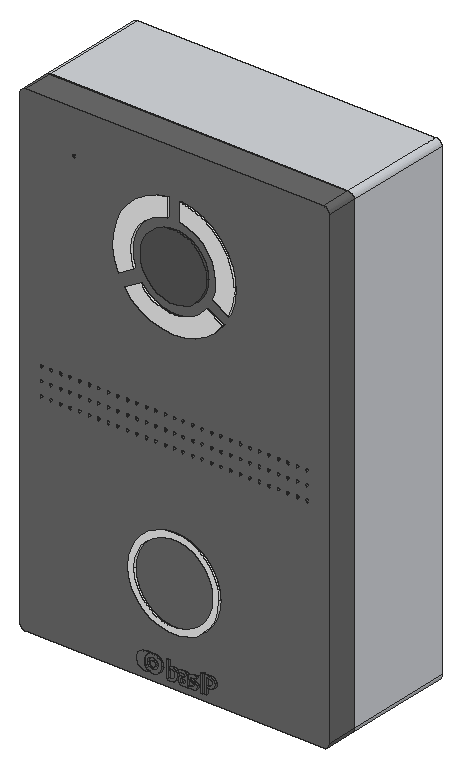
Revit family "BAS-IP_Вызывная панель_AV-03BD", category Устройства связи, Revit 2019
Family settings
  Сохранять ориентацию аннотаций = Нет
  Размер круглого соединителя = Использовать диаметр
  Тип детали = Нормальный
  На основе рабочей плоскости = Нет
  Всегда вертикально = Да
  При загрузке вырезать с полостями = Нет
  Общий = Нет
  Точка расчета площади = Нет
Parameters (values of type "Черный")
  Цветовое решение = "Черный"
  Угол обзора камеры = "90° (по горизонтали)"
  УГО_Смещение_Y [instance] = 0 mm
  УГО_Смещение_X [instance] = 0 mm
  Тип установки = "Накладной монтаж с накладкой и без (кронштейны в комплекте)"
  Тип панели = "Индивидуальная"
  Температурный режим = "-40 – +65 °С"
  Разрешение = "2 Мп"
  Размер самой панели = "102 × 160 × 46 мм"
  Размер под установку = "111,3 × 170,4 × 73 мм"
  Потребление питания = "6,5 Вт, в режиме ожидания - 2,5 Вт"
  Питание = "PoE 802.3af, +12 В постоянного тока"
  Ночная подсветка = "6 светодиодов"
  Минимальная освещенность = "0,01 Люкс"
  Корпус = "АБС-пластик"
  Класс степени защиты = "IP64"
  Камера = "1/4”"
  Изготовитель = "BAS-IP"  # constant formula
  Зона обслуживания [instance] = no
  Дисплей = "Нет"
  Выходное видео = "HD (1280 × 720), H.264 Main Profile"
  IK-код = "IK06"
  ADSK_Размер_Смещение от уровня [instance] = 1000 mm
  ADSK_Примечание [instance] = ""
  ADSK_Позиция [instance] = ""
  ADSK_Наименование = "Индивидуальная IP вызывная панель в пластиковом корпусе, с сенсорной кнопкой и UKEY"
  ADSK_Материал = Black silver
  ADSK_Марка = "AV-03BD Black"
  ADSK_Количество = 1  # constant formula
  ADSK_Код изделия = ""
  ADSK_Завод-изготовитель = "BAS-IP"  # constant formula
  ADSK_Единица измерения = "шт."  # constant formula
Types (2, lengths in mm): name | Цветовое решение | ADSK_Материал | ADSK_Марка
  Серебристый | "Серебристый" | Silver | "AV-03BD Silver"
  Черный | "Черный" | Black silver | "AV-03BD Black"
Reference planes
  plane 1 "По центру (Вперед/Назад)": y = 0
  plane 2: z = 0
  plane 3 "По центру (Влево/Вправо)": x = 0
  plane 4: x = -106.702
  plane 5: x = -106.702
  plane 6: z = 1000
  plane 7: x = -106.702
  plane 8: x = -106.702
  plane 9: z = 0
  plane 10: y = 0
  plane 11: x = 0
Forms (mm)
  Extrusion 1, solid, material "Black silver" <- "ADSK_Материал", detail levels medium+fine
    sketch origin (0, 0, 1000) x (1, 0, 0) y (0, 0, 1)
      loop
        line (-49, 0) -> (49, 0)
        arc (49, 0) -> (50.414, 0.586) -> (51, 2) r 2
        line (51, 2) -> (51, 158)
        arc (51, 158) -> (50.414, 159.414) -> (49, 160) r 2
        line (49, 160) -> (-49, 160)
        arc (-49, 160) -> (-50.414, 159.414) -> (-51, 158) r 2
        line (-51, 158) -> (-51, 2)
        arc (-51, 2) -> (-50.414, 0.586) -> (-49, 0) r 2
    from -8 to 2
  Extrusion 2, solid, material "Black", detail levels fine
    sketch origin (0, 0.5, 990) x (1, 0, 0) y (0, 0, 1)
      loop
        circle (0, 135.001) r 11
    from 2 to 3
  Extrusion 3, solid, material "White", detail levels fine
    sketch origin (0, 0.5, 990) x (1, 0, 0) y (0, 0, 1)
      loop
        arc (-2, 154.901) -> (-17.321, 145.001) -> (-18.234, 126.783) r 20
        line (-18.234, 126.783) -> (-13, 129.805)
        arc (-13, 129.805) -> (-12.124, 142.001) -> (-2, 148.858) r 14
        line (-2, 148.858) -> (-2, 154.901)
      loop
        line (16.234, 123.319) -> (11, 126.341)
        arc (11, 126.341) -> (0, 121.001) -> (-11, 126.341) r 14
        line (-11, 126.341) -> (-16.234, 123.319)
        arc (-16.234, 123.319) -> (0, 115.001) -> (16.234, 123.319) r 20
      loop
        line (2, 154.901) -> (2, 148.858)
        arc (2, 148.858) -> (12.124, 142.001) -> (13, 129.805) r 14
        line (13, 129.805) -> (18.234, 126.783)
        arc (18.234, 126.783) -> (17.321, 145.001) -> (2, 154.901) r 20
    from 2 to 3
  Extrusion 4, solid, material "White", detail levels fine
    sketch origin (0, 0.5, 1008.125) x (1, 0, 0) y (0, 0, 1)
      loop
        circle (0, 23.436) r 15
      loop
        circle (0, 23.436) r 13
    from 2 to 3
  Extrusion 5, void, detail levels fine
    sketch origin (-34.727, 0, 1127.983) x (1, 0, 0) y (0, 0, 1)
      loop
        circle (1.727, 18.017) r 0.5
    from 1 to 2
  Extrusion 6, void, detail levels fine
    sketch origin (-132.47, 0, 969.505) x (1, 0, 0) y (0, 0, 1)
      loop
        circle (88.702, 110.632) r 0.5
      loop
        circle (88.702, 106.132) r 0.5
      loop
        circle (88.702, 101.632) r 0.5
      loop
        circle (91.889, 110.632) r 0.5
      loop
        circle (91.889, 106.132) r 0.5
      loop
        circle (91.889, 101.632) r 0.5
      loop
        circle (95.077, 110.632) r 0.5
      loop
        circle (95.077, 106.132) r 0.5
      loop
        circle (95.077, 101.632) r 0.5
      loop
        circle (98.108, 110.632) r 0.5
      loop
        circle (98.108, 106.132) r 0.5
      loop
        circle (98.108, 101.632) r 0.5
      loop
        circle (101.296, 110.632) r 0.5
      loop
        circle (101.296, 106.132) r 0.5
      loop
        circle (101.296, 101.632) r 0.5
      loop
        circle (104.483, 110.632) r 0.5
      loop
        circle (104.483, 106.132) r 0.5
      loop
        circle (104.483, 101.632) r 0.5
      loop
        circle (107.514, 110.632) r 0.5
      loop
        circle (107.514, 106.132) r 0.5
      loop
        circle (107.514, 101.632) r 0.5
      loop
        circle (110.702, 110.632) r 0.5
      loop
        circle (110.702, 106.132) r 0.5
      loop
        circle (110.702, 101.632) r 0.5
      loop
        circle (113.889, 110.632) r 0.5
      loop
        circle (113.889, 106.132) r 0.5
      loop
        circle (113.889, 101.632) r 0.5
      loop
        circle (117.077, 110.632) r 0.5
      loop
        circle (117.077, 106.132) r 0.5
      loop
        circle (117.077, 101.632) r 0.5
      loop
        circle (120.108, 110.632) r 0.5
      loop
        circle (120.108, 106.132) r 0.5
      loop
        circle (120.108, 101.632) r 0.5
      loop
        circle (123.296, 110.632) r 0.5
      loop
        circle (123.296, 106.132) r 0.5
      loop
        circle (123.296, 101.632) r 0.5
      loop
        circle (126.327, 110.632) r 0.5
      loop
        circle (126.327, 106.132) r 0.5
      loop
        circle (126.327, 101.632) r 0.5
      loop
        circle (132.47, 110.632) r 0.5
      loop
        circle (132.47, 106.132) r 0.5
      loop
        circle (132.47, 101.632) r 0.5
      loop
        circle (129.585, 110.632) r 0.5
      loop
        circle (129.585, 106.132) r 0.5
      loop
        circle (129.585, 101.632) r 0.5
      loop
        circle (144.832, 110.632) r 0.5
      loop
        circle (144.832, 106.132) r 0.5
      loop
        circle (144.832, 101.632) r 0.5
      loop
        circle (141.644, 110.632) r 0.5
      loop
        circle (141.644, 106.132) r 0.5
      loop
        circle (141.644, 101.632) r 0.5
      loop
        circle (138.613, 110.632) r 0.5
      loop
        circle (138.613, 106.132) r 0.5
      loop
        circle (138.613, 101.632) r 0.5
      loop
        circle (135.356, 110.632) r 0.5
      loop
        circle (135.356, 106.132) r 0.5
      loop
        circle (135.356, 101.632) r 0.5
      loop
        circle (147.863, 110.632) r 0.5
      loop
        circle (147.863, 106.132) r 0.5
      loop
        circle (147.863, 101.632) r 0.5
      loop
        circle (176.238, 110.632) r 0.5
      loop
        circle (176.238, 106.132) r 0.5
      loop
        circle (176.238, 101.632) r 0.5
      loop
        circle (173.051, 110.632) r 0.5
      loop
        circle (173.051, 106.132) r 0.5
      loop
        circle (173.051, 101.632) r 0.5
      loop
        circle (169.863, 110.632) r 0.5
      loop
        circle (169.863, 106.132) r 0.5
      loop
        circle (169.863, 101.632) r 0.5
      loop
        circle (166.832, 110.632) r 0.5
      loop
        circle (166.832, 106.132) r 0.5
      loop
        circle (166.832, 101.632) r 0.5
    from 1 to 2
  Extrusion 7, void, detail levels fine
    sketch origin (-132.47, 0, 969.505) x (1, 0, 0) y (0, 0, 1)
      loop
        circle (163.644, 110.632) r 0.5
      loop
        circle (163.644, 106.132) r 0.5
      loop
        circle (163.644, 101.632) r 0.5
      loop
        circle (160.457, 110.632) r 0.5
      loop
        circle (160.457, 106.132) r 0.5
      loop
        circle (160.457, 101.632) r 0.5
      loop
        circle (157.426, 110.632) r 0.5
      loop
        circle (157.426, 106.132) r 0.5
      loop
        circle (157.426, 101.632) r 0.5
      loop
        circle (154.238, 110.632) r 0.5
      loop
        circle (154.238, 106.132) r 0.5
      loop
        circle (154.238, 101.632) r 0.5
      loop
        circle (151.051, 110.632) r 0.5
      loop
        circle (151.051, 106.132) r 0.5
      loop
        circle (151.051, 101.632) r 0.5
    from 0 to 2
  Extrusion 8, solid, detail levels medium+fine
    sketch origin (0, 85, 1000) x (1, 0, 0) y (0, 0, 1)
      loop
        line (-49, 0) -> (49, 0)
        arc (49, 0) -> (50.414, 0.586) -> (51, 2) r 2
        line (51, 2) -> (51, 158)
        arc (51, 158) -> (50.414, 159.414) -> (49, 160) r 2
        line (49, 160) -> (-49, 160)
        arc (-49, 160) -> (-50.414, 159.414) -> (-51, 158) r 2
        line (-51, 158) -> (-51, 2)
        arc (-51, 2) -> (-50.414, 0.586) -> (-49, 0) r 2
    from 41 to 77
  Extrusion 9, solid, material "Black silver" <- "ADSK_Материал", not visible, detail levels medium+fine
    sketch origin (0, 0, 0) x (1, 0, 0) y (0, 0, 1)
      loop
        line (-49, 0) -> (49, 0)
        arc (49, 0) -> (50.414, 0.586) -> (51, 2) r 2
        line (51, 2) -> (51, 158)
        arc (51, 158) -> (50.414, 159.414) -> (49, 160) r 2
        line (49, 160) -> (-49, 160)
        arc (-49, 160) -> (-50.414, 159.414) -> (-51, 158) r 2
        line (-51, 158) -> (-51, 2)
        arc (-51, 2) -> (-50.414, 0.586) -> (-49, 0) r 2
    from -8 to 2
  Extrusion 10, solid, material "Black", not visible, detail levels fine
    sketch origin (0, 0.5, -10) x (1, 0, 0) y (0, 0, 1)
      loop
        circle (0, 135.001) r 11
    from 2 to 3
  Extrusion 11, solid, material "White", not visible, detail levels fine
    sketch origin (0, 0.5, -10) x (1, 0, 0) y (0, 0, 1)
      loop
        arc (-2, 154.901) -> (-17.321, 145.001) -> (-18.234, 126.783) r 20
        line (-18.234, 126.783) -> (-13, 129.805)
        arc (-13, 129.805) -> (-12.124, 142.001) -> (-2, 148.858) r 14
        line (-2, 148.858) -> (-2, 154.901)
      loop
        line (16.234, 123.319) -> (11, 126.341)
        arc (11, 126.341) -> (0, 121.001) -> (-11, 126.341) r 14
        line (-11, 126.341) -> (-16.234, 123.319)
        arc (-16.234, 123.319) -> (0, 115.001) -> (16.234, 123.319) r 20
      loop
        line (2, 154.901) -> (2, 148.858)
        arc (2, 148.858) -> (12.124, 142.001) -> (13, 129.805) r 14
        line (13, 129.805) -> (18.234, 126.783)
        arc (18.234, 126.783) -> (17.321, 145.001) -> (2, 154.901) r 20
    from 2 to 3
  Extrusion 12, solid, material "White", not visible, detail levels fine
    sketch origin (0, 0.5, 8.125) x (1, 0, 0) y (0, 0, 1)
      loop
        circle (0, 23.436) r 15
      loop
        circle (0, 23.436) r 13
    from 2 to 3
  Extrusion 13, void, not visible, detail levels fine
    sketch origin (-34.727, 0, 127.983) x (1, 0, 0) y (0, 0, 1)
      loop
        circle (1.727, 18.017) r 0.5
    from 1 to 2
  Extrusion 14, void, not visible, detail levels fine
    sketch origin (-132.47, 0, -30.495) x (1, 0, 0) y (0, 0, 1)
      loop
        circle (88.702, 110.632) r 0.5
      loop
        circle (88.702, 106.132) r 0.5
      loop
        circle (88.702, 101.632) r 0.5
      loop
        circle (91.889, 110.632) r 0.5
      loop
        circle (91.889, 106.132) r 0.5
      loop
        circle (91.889, 101.632) r 0.5
      loop
        circle (95.077, 110.632) r 0.5
      loop
        circle (95.077, 106.132) r 0.5
      loop
        circle (95.077, 101.632) r 0.5
      loop
        circle (98.108, 110.632) r 0.5
      loop
        circle (98.108, 106.132) r 0.5
      loop
        circle (98.108, 101.632) r 0.5
      loop
        circle (101.296, 110.632) r 0.5
      loop
        circle (101.296, 106.132) r 0.5
      loop
        circle (101.296, 101.632) r 0.5
      loop
        circle (104.483, 110.632) r 0.5
      loop
        circle (104.483, 106.132) r 0.5
      loop
        circle (104.483, 101.632) r 0.5
      loop
        circle (107.514, 110.632) r 0.5
      loop
        circle (107.514, 106.132) r 0.5
      loop
        circle (107.514, 101.632) r 0.5
      loop
        circle (110.702, 110.632) r 0.5
      loop
        circle (110.702, 106.132) r 0.5
      loop
        circle (110.702, 101.632) r 0.5
      loop
        circle (113.889, 110.632) r 0.5
      loop
        circle (113.889, 106.132) r 0.5
      loop
        circle (113.889, 101.632) r 0.5
      loop
        circle (117.077, 110.632) r 0.5
      loop
        circle (117.077, 106.132) r 0.5
      loop
        circle (117.077, 101.632) r 0.5
      loop
        circle (120.108, 110.632) r 0.5
      loop
        circle (120.108, 106.132) r 0.5
      loop
        circle (120.108, 101.632) r 0.5
      loop
        circle (123.296, 110.632) r 0.5
      loop
        circle (123.296, 106.132) r 0.5
      loop
        circle (123.296, 101.632) r 0.5
      loop
        circle (126.327, 110.632) r 0.5
      loop
        circle (126.327, 106.132) r 0.5
      loop
        circle (126.327, 101.632) r 0.5
      loop
        circle (132.47, 110.632) r 0.5
      loop
        circle (132.47, 106.132) r 0.5
      loop
        circle (132.47, 101.632) r 0.5
      loop
        circle (129.585, 110.632) r 0.5
      loop
        circle (129.585, 106.132) r 0.5
      loop
        circle (129.585, 101.632) r 0.5
      loop
        circle (144.832, 110.632) r 0.5
      loop
        circle (144.832, 106.132) r 0.5
      loop
        circle (144.832, 101.632) r 0.5
      loop
        circle (141.644, 110.632) r 0.5
      loop
        circle (141.644, 106.132) r 0.5
      loop
        circle (141.644, 101.632) r 0.5
      loop
        circle (138.613, 110.632) r 0.5
      loop
        circle (138.613, 106.132) r 0.5
      loop
        circle (138.613, 101.632) r 0.5
      loop
        circle (135.356, 110.632) r 0.5
      loop
        circle (135.356, 106.132) r 0.5
      loop
        circle (135.356, 101.632) r 0.5
      loop
        circle (147.863, 110.632) r 0.5
      loop
        circle (147.863, 106.132) r 0.5
      loop
        circle (147.863, 101.632) r 0.5
      loop
        circle (176.238, 110.632) r 0.5
      loop
        circle (176.238, 106.132) r 0.5
      loop
        circle (176.238, 101.632) r 0.5
      loop
        circle (173.051, 110.632) r 0.5
      loop
        circle (173.051, 106.132) r 0.5
      loop
        circle (173.051, 101.632) r 0.5
      loop
        circle (169.863, 110.632) r 0.5
      loop
        circle (169.863, 106.132) r 0.5
      loop
        circle (169.863, 101.632) r 0.5
      loop
        circle (166.832, 110.632) r 0.5
      loop
        circle (166.832, 106.132) r 0.5
      loop
        circle (166.832, 101.632) r 0.5
    from 1 to 2
  Extrusion 15, void, not visible, detail levels fine
    sketch origin (-132.47, 0, -30.495) x (1, 0, 0) y (0, 0, 1)
      loop
        circle (163.644, 110.632) r 0.5
      loop
        circle (163.644, 106.132) r 0.5
      loop
        circle (163.644, 101.632) r 0.5
      loop
        circle (160.457, 110.632) r 0.5
      loop
        circle (160.457, 106.132) r 0.5
      loop
        circle (160.457, 101.632) r 0.5
      loop
        circle (157.426, 110.632) r 0.5
      loop
        circle (157.426, 106.132) r 0.5
      loop
        circle (157.426, 101.632) r 0.5
      loop
        circle (154.238, 110.632) r 0.5
      loop
        circle (154.238, 106.132) r 0.5
      loop
        circle (154.238, 101.632) r 0.5
      loop
        circle (151.051, 110.632) r 0.5
      loop
        circle (151.051, 106.132) r 0.5
      loop
        circle (151.051, 101.632) r 0.5
    from 0 to 2
  Extrusion 16, solid, not visible, detail levels medium+fine
    sketch origin (0, 85, 0) x (1, 0, 0) y (0, 0, 1)
      loop
        line (-49, 0) -> (49, 0)
        arc (49, 0) -> (50.414, 0.586) -> (51, 2) r 2
        line (51, 2) -> (51, 158)
        arc (51, 158) -> (50.414, 159.414) -> (49, 160) r 2
        line (49, 160) -> (-49, 160)
        arc (-49, 160) -> (-50.414, 159.414) -> (-51, 158) r 2
        line (-51, 158) -> (-51, 2)
        arc (-51, 2) -> (-50.414, 0.586) -> (-49, 0) r 2
    from 41 to 77
Cuts and joins
  Extrusion 5, Extrusion 6, Extrusion 7 cuts Extrusion 1
Dimensions and locks
  "ADSK_Размер_Смещение от уровня": plane 6 to plane 2
  "УГО_Смещение_X": plane 3 "По центру (Влево/Вправо)" to plane 11
  "УГО_Смещение_Y": plane 10 to plane 1 "По центру (Вперед/Назад)"
  aligned and locked: level to plane 2
  aligned and locked: cut or joined group of Extrusion 1, Extrusion 5, Extrusion 6, Extrusion 7 to plane 6
  aligned and locked: nested 5 to plane 10
  aligned and locked: plane 11 to nested 5
Automatic sketch dimensions
  Extrusion 1 sketch curve to Extrusion 1 sketch curve = 2 mm  (x3)
  Extrusion 1 sketch curve to Extrusion 1 sketch curve = 156 mm
  Extrusion 3 sketch curve to Extrusion 3 sketch curve = 0 mm  (x40)
  Extrusion 3 sketch curve to Extrusion 3 sketch curve = 2 mm  (x5)
  Extrusion 3 sketch curve to Extrusion 3 sketch curve = 5.234 mm  (x2)
  Extrusion 3 sketch curve to Extrusion 3 sketch curve = 3.022 mm
  Extrusion 3 sketch curve to Extrusion 3 sketch curve = 3.464 mm  (x4)
  Extrusion 3 sketch curve to Extrusion 3 sketch curve = 5.196 mm
  Extrusion 4 sketch curve to Extrusion 4 sketch curve = 0 mm  (x4)
  Extrusion 6 sketch curve to Extrusion 6 sketch curve = 2.885 mm  (x6)
  Extrusion 6 sketch curve to Extrusion 6 sketch curve = 3.258 mm  (x6)
  Extrusion 6 sketch curve to Extrusion 6 sketch curve = 3.031 mm  (x21)
  Extrusion 6 sketch curve to Extrusion 6 sketch curve = 3.188 mm  (x32)
  Extrusion 6 sketch curve to Extrusion 6 sketch curve = 18.969 mm
  Extrusion 6 sketch curve to Extrusion 6 sketch curve = 0 mm  (x64)
  Extrusion 6 sketch curve to Extrusion 6 sketch curve = 3.187 mm
  Extrusion 6 sketch curve to Extrusion 6 sketch curve = 4.5 mm  (x11)
  Extrusion 7 sketch curve to Extrusion 7 sketch curve = 0 mm  (x11)
  Extrusion 7 sketch curve to Extrusion 7 sketch curve = 3.188 mm  (x8)
  Extrusion 7 sketch curve to Extrusion 7 sketch curve = 3.187 mm
  Extrusion 7 sketch curve to Extrusion 7 sketch curve = 3.031 mm  (x3)
  Extrusion 7 sketch curve to Extrusion 7 sketch curve = 4.5 mm  (x5)
  Extrusion 8 sketch curve to Extrusion 8 sketch curve = 2 mm  (x3)
  Extrusion 8 sketch curve to Extrusion 8 sketch curve = 156 mm
  Extrusion 1 sketch curve to Extrusion 1 sketch curve = 98 mm  (x2)
  Extrusion 3 sketch curve to Extrusion 3 sketch curve = 11 mm  (x2)
  Extrusion 3 sketch curve to Extrusion 3 sketch curve = 4 mm
  plane 4 to Extrusion 6 sketch curve = 62.934 mm
  plane 5 to Extrusion 7 sketch curve = 125.283 mm
  Extrusion 8 sketch curve to Extrusion 8 sketch curve = 98 mm  (x2)
  Extrusion 9 sketch curve to Extrusion 9 sketch curve = 2 mm  (x3)
  Extrusion 9 sketch curve to Extrusion 9 sketch curve = 156 mm
  Extrusion 11 sketch curve to Extrusion 11 sketch curve = 0 mm  (x40)
  Extrusion 11 sketch curve to Extrusion 11 sketch curve = 2 mm  (x5)
  Extrusion 11 sketch curve to Extrusion 11 sketch curve = 5.234 mm  (x2)
  Extrusion 11 sketch curve to Extrusion 11 sketch curve = 3.022 mm
  Extrusion 11 sketch curve to Extrusion 11 sketch curve = 3.464 mm  (x4)
  Extrusion 11 sketch curve to Extrusion 11 sketch curve = 5.196 mm
  Extrusion 12 sketch curve to Extrusion 12 sketch curve = 0 mm  (x4)
  Extrusion 14 sketch curve to Extrusion 14 sketch curve = 2.885 mm  (x6)
  Extrusion 14 sketch curve to Extrusion 14 sketch curve = 3.258 mm  (x6)
  Extrusion 14 sketch curve to Extrusion 14 sketch curve = 3.031 mm  (x21)
  Extrusion 14 sketch curve to Extrusion 14 sketch curve = 3.188 mm  (x32)
  Extrusion 14 sketch curve to Extrusion 14 sketch curve = 18.969 mm
  Extrusion 14 sketch curve to Extrusion 14 sketch curve = 0 mm  (x64)
  Extrusion 14 sketch curve to Extrusion 14 sketch curve = 3.187 mm
  Extrusion 14 sketch curve to Extrusion 14 sketch curve = 4.5 mm  (x11)
  Extrusion 15 sketch curve to Extrusion 15 sketch curve = 0 mm  (x11)
  Extrusion 15 sketch curve to Extrusion 15 sketch curve = 3.188 mm  (x8)
  Extrusion 15 sketch curve to Extrusion 15 sketch curve = 3.187 mm
  Extrusion 15 sketch curve to Extrusion 15 sketch curve = 3.031 mm  (x3)
  Extrusion 15 sketch curve to Extrusion 15 sketch curve = 4.5 mm  (x5)
  Extrusion 16 sketch curve to Extrusion 16 sketch curve = 2 mm  (x3)
  Extrusion 16 sketch curve to Extrusion 16 sketch curve = 156 mm
  Extrusion 9 sketch curve to Extrusion 9 sketch curve = 98 mm  (x2)
  Extrusion 11 sketch curve to Extrusion 11 sketch curve = 11 mm  (x2)
  Extrusion 11 sketch curve to Extrusion 11 sketch curve = 4 mm
  plane 7 to Extrusion 14 sketch curve = 62.934 mm
  plane 8 to Extrusion 15 sketch curve = 125.283 mm
  Extrusion 16 sketch curve to Extrusion 16 sketch curve = 98 mm  (x2)
  radius of Extrusion 2 sketch curve = 11 mm
  radius of Extrusion 4 sketch curve = 15 mm
  radius of Extrusion 4 sketch curve = 13 mm
  radius of Extrusion 5 sketch curve = 0.5 mm
  radius of Extrusion 6 sketch curve = 0.5 mm  (x72)
  radius of Extrusion 7 sketch curve = 0.5 mm  (x15)
  radius of Extrusion 10 sketch curve = 11 mm
  radius of Extrusion 12 sketch curve = 15 mm
  radius of Extrusion 12 sketch curve = 13 mm
  radius of Extrusion 13 sketch curve = 0.5 mm
  radius of Extrusion 14 sketch curve = 0.5 mm  (x72)
  radius of Extrusion 15 sketch curve = 0.5 mm  (x15)
Nested families
  nested 1: "BAS-IP_Logo_S" at (1.25, -1.5, 1002.412), Материал <- "ADSK_Материал", type "BAS-IP_Logo_S", detail levels fine
    with Материал Black silver
  nested 2: "Зона обслуживания" at (0, 0, 950), visible <- "Зона обслуживания", type "Зона обслуживания", detail levels fine
    with ADSK_Размер_Ширина 202 mm, ADSK_Размер_Высота 260 mm
  nested 3: "BAS-IP_Logo_S" at (1.25, -1.5, 2.412), Материал <- "ADSK_Материал", type "BAS-IP_Logo_S", not visible, detail levels fine
    with Материал Black silver
  nested 4: "Зона обслуживания" at (0, 0, -50), visible <- "Зона обслуживания", type "Зона обслуживания", not visible, detail levels fine
    with ADSK_Размер_Ширина 202 mm, ADSK_Размер_Высота 260 mm
  nested 5: "УГО_Вызывная панель" at (0, 0, 0), type "УГО_Вызывная панель", detail levels coarse+medium
Connectors
  electrical at (0, 26, 1000)
    settings: on Extrusion 8, index 1, voltage 0 V, apparent load 0 VA, apparent load phase1 0 VA, apparent load phase2 0 VA, apparent load phase3 0 VA, power factor 1, load classification "Прочее", number of poles 1, system type 12, power factor state 1, is connector primary yes, connector utility no, sub classification motor no, connector description ""
Definition of nested family "BAS-IP_Logo_S"
  Parameters (values of type "BAS-IP_Logo_S")
    Материал [instance] = none
  Reference planes
    plane 1 "По центру (Вперед/Назад)": y = 0
    plane 2: z = 0
    plane 3 "По центру (Влево/Вправо)": x = 0
  Forms (mm)
    Extrusion 1, solid, material <- "Материал"
      sketch origin (-6.577, 0, -7.331) x (1, 0, 0) y (0, 0, 1)
        loop
          circle (-1.452, 10.426) r 2.917
        loop
          circle (-1.452, 10.426) r 1.823
        loop
          circle (-1.452, 10.426) r 0.907
        loop
          line (2.897, 13.369) -> (2.897, 7.626)
          arc (2.897, 7.626) -> (4.378, 7.331) -> (5.829, 7.75) r 3.194
          arc (5.829, 7.75) -> (6.556, 9.353) -> (6.13, 11.061) r 2.674
          arc (6.13, 11.061) -> (4.872, 11.67) -> (3.741, 10.847) r 1.36
          line (3.741, 10.847) -> (3.741, 13.369) -> (2.897, 13.369)
        loop
          line (9.211, 9.975) -> (7.991, 9.975)
          arc (7.991, 9.975) -> (6.849, 8.828) -> (7.615, 7.403) r 1.358
          line (7.615, 7.403) -> (9.943, 7.403)
          spline (9.943, 7.403) -> (10.042, 8.877) -> (10.055, 9.915) -> (9.997, 10.601) -> (9.886, 11.019) -> (9.737, 11.256) -> (9.568, 11.394) -> (9.385, 11.5) -> (9.169, 11.588) -> (8.896, 11.659) -> (8.521, 11.71) -> (7.969, 11.725) -> (7.158, 11.687)
          line (7.158, 11.687) -> (7.158, 10.887) -> (8.571, 10.887)
          arc (8.571, 10.887) -> (9.157, 10.617) -> (9.211, 9.975) r 0.64
        loop
          line (9.25, 9.484) -> (8.048, 9.484)
          arc (8.048, 9.484) -> (7.606, 8.736) -> (8.048, 7.988) r 0.854
          line (8.048, 7.988) -> (9.25, 7.988) -> (9.25, 9.484)
        loop
          line (3.741, 10.21) -> (3.741, 7.988)
          spline (3.741, 7.988) -> (4.72, 8.077) -> (5.267, 8.31) -> (5.573, 8.641) -> (5.734, 9.045) -> (5.806, 9.508) -> (5.807, 9.99) -> (5.705, 10.408) -> (5.485, 10.703) -> (5.195, 10.895) -> (4.844, 10.985) -> (4.33, 10.884) -> (3.741, 10.21)
        loop
          spline (13.018, 11.649) -> (11.419, 11.695) -> (10.875, 11.521) -> (10.489, 11.179) -> (10.305, 10.688) -> (10.406, 10.198) -> (10.752, 9.835) -> (11.372, 9.476) -> (12.029, 9.086) -> (12.384, 8.702) -> (12.37, 8.376) -> (11.859, 8.127) -> (10.354, 8.165)
          line (10.354, 8.165) -> (10.284, 7.368)
          spline (10.284, 7.368) -> (11.866, 7.357) -> (12.634, 7.611) -> (13.056, 8.054) -> (13.185, 8.589) -> (13.044, 9.098) -> (12.719, 9.467) -> (12.225, 9.735) -> (11.625, 10.002) -> (11.161, 10.338) -> (11.097, 10.694) -> (11.676, 10.917) -> (12.949, 10.853)
          line (12.949, 10.853) -> (13.018, 11.649)
        loop
          line (14.214, 13.23) -> (14.214, 7.403) -> (15.003, 7.403) -> (15.003, 13.23) -> (14.214, 13.23)
        loop
          line (15.425, 13.23) -> (15.425, 7.403) -> (16.26, 7.403) -> (16.26, 9.541) -> (17.223, 9.541)
          arc (17.223, 9.541) -> (19.068, 11.385) -> (17.223, 13.23) r 1.844
          line (17.223, 13.23) -> (15.425, 13.23)
        loop
          line (16.26, 10.169) -> (17.186, 10.169)
          arc (17.186, 10.169) -> (18.222, 11.249) -> (17.419, 12.511) r 1.211
          line (17.419, 12.511) -> (16.26, 12.511) -> (16.26, 10.169)
      from 0 to 1
    Extrusion 2, solid, material <- "Материал"
      sketch origin (-0.313, 0, -1.028) x (1, 0, 0) y (0, 0, 1)
        loop
          arc (-8.967, 6.758) -> (-13.134, 4.123) -> (-8.967, 1.487) r 2.917
          arc (-8.967, 1.487) -> (-10.634, 4.123) -> (-8.967, 6.758) r 2.917
      from 0 to 1
  Dimensions and locks
    aligned and locked: level to plane 2
Definition of nested family "Зона обслуживания"
  Parameters (values of type "Семейство1")
    Зона обслуживания = none
    ADSK_Размер_Ширина = 200 mm
    ADSK_Размер_Глубина = 120 mm
    ADSK_Размер_Высота = 250 mm
  Reference planes
    plane 1 "По центру (Вперед/Назад)": y = 0
    plane 2: z = 0
    plane 3 "По центру (Влево/Вправо)": x = 0
  Forms (mm)
    Extrusion 1, solid, material <- "Зона обслуживания"
      sketch origin (0, 0, 0) x (1, 0, 0) y (0, 1, 0)
        loop
          line (-100, 0) -> (-100, -120) -> (100, -120) -> (100, 0) -> (-100, 0)
      from 0 to 250 <- "ADSK_Размер_Высота"
  Dimensions and locks
    "ADSK_Размер_Глубина": Extrusion 1 sketch curve to plane 1 "По центру (Вперед/Назад)"
    equal spacing: Extrusion 1 sketch curve, plane 3 "По центру (Влево/Вправо)", Extrusion 1 sketch curve
    "ADSK_Размер_Ширина": Extrusion 1 sketch curve to Extrusion 1 sketch curve
    aligned and locked: level to plane 2
  Automatic sketch dimensions
    plane 1 "По центру (Вперед/Назад)" to Extrusion 1 sketch curve = 0 mm
Definition of nested family "УГО_Вызывная панель"
  Reference planes
    plane 1: y = 0
    plane 2: x = 0
  Lines and regions (mm)
    detail lines
      curve 1: line (-2, 0, 0) -> (2, 0, 0)
      curve 2: line (-2.5, -6.5, 0) -> (-2.5, -0.5, 0)
      curve 3: line (2, -7, 0) -> (-2, -7, 0)
      curve 4: line (2.5, -0.5, 0) -> (2.5, -6.5, 0)
      curve 5: arc (2, 0, 0) -> (2.354, -0.146, 0) -> (2.5, -0.5, 0) r 0.5
      curve 6: arc (-2.5, -0.5, 0) -> (-2.354, -0.146, 0) -> (-2, 0, 0) r 0.5
      curve 7: arc (-2, -7, 0) -> (-2.354, -6.854, 0) -> (-2.5, -6.5, 0) r 0.5
      curve 8: arc (2.5, -6.5, 0) -> (2.354, -6.854, 0) -> (2, -7, 0) r 0.5
      curve 9: line (-1.5, -3.39, 0) -> (1.5, -3.39, 0)
      curve 10: line (-1.5, -5.79, 0) -> (-1.5, -3.39, 0)
      curve 11: line (1.5, -5.19, 0) -> (-1.5, -5.19, 0)
      curve 12: line (1.5, -3.39, 0) -> (1.5, -5.79, 0)
      curve 13: circle (0, -1.5, 0) r 0.6 normal (0, 0, 1)
      curve 14: line (-1.5, -3.99, 0) -> (1.5, -3.99, 0)
      curve 15: line (-1.5, -4.59, 0) -> (1.5, -4.59, 0)
      curve 16: line (-0.5, -5.79, 0) -> (-0.5, -3.39, 0)
      curve 17: line (0.5, -5.79, 0) -> (0.5, -3.39, 0)
      curve 18: line (1.5, -5.79, 0) -> (-1.5, -5.79, 0)
